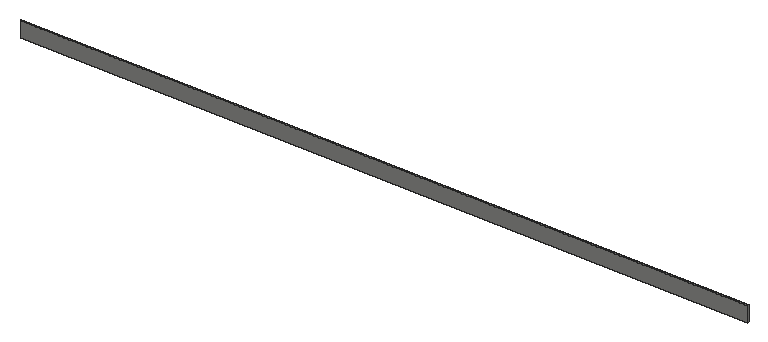
Revit family "Coiled Strap", category Structural Framing, Revit 2024
Family settings
  Section Shape = Rectangle
  Material for Model Behavior = Steel
  Always export as geometry = No
  Always vertical = Yes
  Cut with Voids When Loaded = No
  Symbolic Representation = From Project Settings
  Shared = No
  Show family pre-cut in plan views = Yes
Parameters (values of type "Default")
  Weight = 0.00 lbf/ft
  Structural Material [instance] = Steel
  Reported Length [instance] = 5' - 0"
  Model = "V3"
  Description = "Profile Wood"
  A = 8.25 in²
  Assembly Code = ""
  Ix = 20.8
  Iy = 1.547
  Length [instance] = 5' - 0"
  Sx = 7.563
  Sy = 2.063
  b = 0' - 0 7/128"
  d = 0' - 1 1/4"
Reference planes (in)
  plane 1 "Center (Front/Back)": y = 0
  plane 2: z = 0
  plane 3 "Center (Left/Right)": x = 0.1815
  plane 4: y = 0.02734
  plane 5: y = -0.02734
  plane 6: z = 0.625
  plane 7: z = -0.625
  plane 8 "Left": x = -29.8185
  plane 9 "Right": x = 30.1815
Forms (in)
  Extrusion 1, solid, material "Steel" <- "Structural Material", detail levels medium+fine
    sketch origin (0.1815, 0, 0) x (0, 1, 0) y (0, 0, 1)
      loop
        line (0.02734, 0.625) -> (-0.02734, 0.625) -> (-0.02734, -0.625) -> (0.02734, -0.625) -> (0.02734, 0.625)
    from -30 to 30
Lines and regions (in)
  symbolic lines, style "Stick Symbols", detail levels coarse
    curve 1: line (0.1815, 0.02734, 0.625) -> (0.1815, -0.02734, 0.625)
    curve 2: line (0.1815, -0.02734, -0.625) -> (0.1815, 0.02734, -0.625)
    curve 3: line (0.1815, -0.02734, 0.625) -> (0.1815, -0.02734, -0.625)
    curve 4: line (0.1815, 0.02734, -0.625) -> (0.1815, 0.02734, 0.625)
  model lines, style "BIMSF.Framing"
    curve 5: line (-29.8185, 0, 0) -> (30.1815, 0, 0)
Dimensions and locks (in)
  "b": plane 4 to plane 5
  "d": plane 7 to plane 6
  equal spacing: plane 7, plane 2, plane 6
  equal spacing: plane 4, plane 1 "Center (Front/Back)", plane 5
  "Length": plane 8 "Left" to plane 9 "Right"
  "Reported Length": plane 8 "Left" to plane 9 "Right"
  aligned and locked: plane 8 "Left" to curve 5
  aligned and locked: plane 9 "Right" to curve 5
  aligned and locked: Extrusion 1 sketch curve to curve 1
  aligned and locked: Extrusion 1 sketch curve to curve 4
  aligned and locked: Extrusion 1 sketch curve to curve 2
  aligned and locked: Extrusion 1 sketch curve to curve 3
  aligned and locked: plane 8 "Left" to Extrusion 1
  aligned and locked: Extrusion 1 to plane 9 "Right"
Automatic sketch dimensions
  curve 5 to plane 1 "Center (Front/Back)" = 0' - 0"
  curve 1 to plane 5 = 0' - 0"
  curve 2 to plane 4 = 0' - 0"
  plane 7 to curve 3 = 0' - 0"
  plane 6 to curve 3 = 0' - 0"
Types in the file's own list only (3): name | b | d
  CS16 | 0' - 0" | 0' - 1 1/2"
  CS18 | 0' - 0" | 0' - 1 1/2"
  CS20 | 0' - 0" | 0' - 1 1/2"
